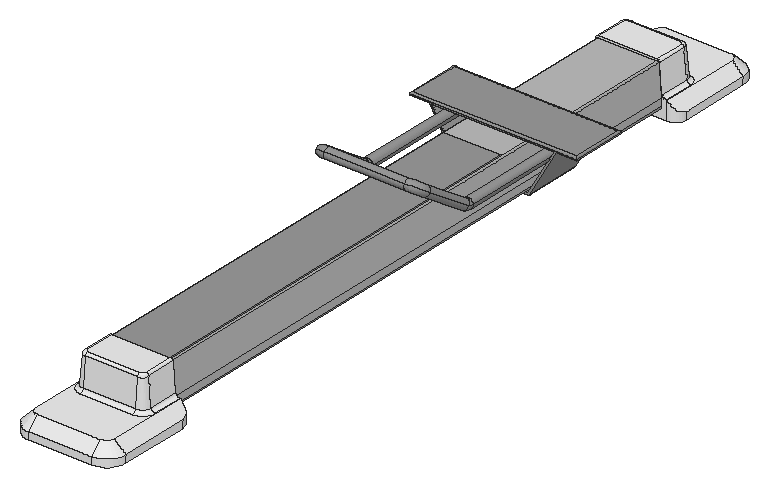
Revit family "PRD_FrankeWS_Hrdrrs_HeightAdjustment_ACDR0001-0005", category Specialty Equipment, host Face, Revit 2018
Family settings
  Host = Face
  Round Connector Dimension = Use Diameter
  Part Type = Normal
  OmniClass Number = 23.40.20.21.14
  OmniClass Title = Hand and Hair Dryers
  Cut with Voids When Loaded = No
  Shared = No
  Room Calculation Point = No
Parameters (values of type "ACDR0001")
  WarrantyStartDate [instance] = "1900-12-31T23:59:59"
  WarrantyGuarantorParts = "n/a"
  WarrantyGuarantorLabor = "n/a"
  WarrantyDurationUnit = "year"
  WarrantyDurationParts = "n/a"
  WarrantyDurationLabor = "n/a"
  WarrantyDescription = "n/a"
  Version = "1"
  Uniclass2015Version = "Products v1.17"
  Uniclass2015Title = "Hairdryers"
  Uniclass2015Code = "Pr_40_70_62_36"
  URL = "www.kwc.com"
  TypeOfMounting = "Wall mounting"
  TailorMade = "No"
  TagNumber [instance] = "n/a"
  SustainabilityPerformance = "n/a"
  Style = "Height adjustment"
  Size = "250 x 1210 x 140 mm (W x H x D)"
  Shape = "n/a"
  SerialNumber [instance] = "n/a"
  Revision = "n/a"
  ReplacementCost = "n/a"
  ProductInformation = "https://pim.kwc.com/product/2030052329/attachment/datasheet?locale=en"
  NominalWidth = 250.00 mm
  NominalHeight = 1210.00 mm
  NominalDepth = 140.00 mm
  NetWeight = 5.80 kg
  Name = "Height adjustment ACDR0001"
  NBSTypeID = "n/a"
  NBSReference = "45-35-72/335"
  NBSOfficeMasterTag = "n/a"
  NBSNote = "n/a"
  NBSDescription = "Hair dryers"
  NBSCertification = "n/a"
  ModelReference = "ACDR0001"
  ModelNumber = "2030052329"
  Model = ModelReference  # "ACDR0001"
  Material = "Aluminium"
  ManufacturerURL = "www.kwc.com"
  ManufacturerName = "KWC Group AG"  # constant formula
  Manufacturer = ManufacturerName  # "KWC Group AG"
  MainColor = "Silver"
  LeverHeightLimitation [instance] = if([LeverHeight (45 - 865 mm)] < 45.00 mm, 45.00 mm, if([LeverHeight (45 - 865 mm)] > 865.00 mm, 865.00 mm, [LeverHeight (45 - 865 mm)]))  # 700.00 mm
  LeverHeight (45 - 865 mm) [instance] = 700.00 mm
  IsBuiltIn = "TRUE"
  IntegralAccessories = "n/a"
  InstallationDate [instance] = "1900-12-31T23:59:59"
  LeverMaterial = PRD_AR_Aluminium_Dark
  IfcExportType = "USERDEFINED"
  IfcExportAs = "IfcFurnitureType"
  GrossWeight = 6.50 kg
  Grade = "n/a"
  Finish = "coated"
  Features = "height adjustment for F5 hood hair dryer, 600 mm continuously adjustable"
  ExpectedLife = "n/a"
  DurationUnit = "year"
  Description = "Height adjustment for F5 hood hair dryer, for wall mounting, 600 mm continuously adjustable, with constant force rolling band spring, guide rail made of anodised aluminium, with 4 mm thick crystal mirror, fully adhered, covered, vandalism-resistant cable channel, colour combination silver/white end caps."
  Default Elevation = 1800.00 mm
  CreatedOn = "09/2020"  # constant formula
  Constituents = "n/a"
  ColorMaterial = PRD_AR_SyntheticWhite
  Color = "White"
  CodePerformance = "n/a"
  Category = "Pr_40_70_62_36, Hairdryers"
  BodyMaterial = PRD_AR_Aluminium
  BarCode [instance] = "n/a"
  BIMObjectName = "PRD_AR_Hairdryers_HeightAdjustment_ACDR0001"
  Author = "Archispace"  # constant formula
  AssetType = "Fixed"
  AssetIdentifier [instance] = "n/a"
  AccessibilityPerformance = "n/a"
Types (5, lengths in mm): name | ProductInformation | Name | ModelReference | ModelNumber | Model | Description | ColorMaterial | Color | BIMObjectName
  ACDR0001 | "https://pim.kwc.com/product/2030052329/attachment/datasheet?locale=en" | "Height adjustment ACDR0001" | "ACDR0001" | "2030052329" | "ACDR0001" | "Height adjustment for F5 hood hair dryer, for wall mounting, 600 mm continuously adjustable, with constant force rolling band spring, guide rail made of anodised aluminium, with 4 mm thick crystal mirror, fully adhered, covered, vandalism-resistant cable channel, colour combination silver/white end caps." | PRD_AR_SyntheticWhite | "White" | "PRD_AR_Hairdryers_HeightAdjustment_ACDR0001"
  ACDR0002 | "https://pim.kwc.com/product/2030052330/attachment/datasheet?locale=en" | "Height adjustment ACDR0002" | "ACDR0002" | "2030052330" | "ACDR0002" | "Height adjustment for F5 hood hair dryer, for wall mounting, 600 mm continuously adjustable, with constant force rolling band spring, guide rail made of anodised aluminium, with 4 mm thick crystal mirror, fully adhered, covered, vandalism-resistant cable channel, colour combination silver/basalt grey end caps." | PRD_AR_SyntheticBasaltGrey | "Basalt grey" | "PRD_AR_Hairdryers_HeightAdjustment_ACDR0002"
  ACDR0003 | "https://pim.kwc.com/product/2030052331/attachment/datasheet?locale=en" | "Height adjustment ACDR0003" | "ACDR0003" | "2030052331" | "ACDR0003" | "Height adjustment for F5 hood hair dryer, for wall mounting, 600 mm continuously adjustable, with constant force rolling band spring, guide rail made of anodised aluminium, with 4 mm thick crystal mirror, fully adhered, covered, vandalism-resistant cable channel, colour combination silver/pearl gentian blue end caps." | PRD_AR_SyntheticPearlGentianBlue | "Pearl gentian blue" | "PRD_AR_Hairdryers_HeightAdjustment_ACDR0003"
  ACDR0004 | "https://pim.kwc.com/product/2030052332/attachment/datasheet?locale=en" | "Height adjustment ACDR0004" | "ACDR0004" | "2030052332" | "ACDR0004" | "Height adjustment for F5 hood hair dryer, for wall mounting, 600 mm continuously adjustable, with constant force rolling band spring, guide rail made of anodised aluminium, with 4 mm thick crystal mirror, fully adhered, covered, vandalism-resistant cable channel, colour combination silver/lemon yellow end caps." | PRD_AR_SyntheticLemonYellow | "Lemon yellow" | "PRD_AR_Hairdryers_HeightAdjustment_ACDR0004"
  ACDR0005 | "https://pim.kwc.com/product/2030052333/attachment/datasheet?locale=en" | "Height adjustment ACDR0005" | "ACDR0005" | "2030052333" | "ACDR0005" | "Height adjustment for F5 hood hair dryer, for wall mounting, 600 mm continuously adjustable, with constant force rolling band spring, guide rail made of anodised aluminium, with 4 mm thick crystal mirror, fully adhered, covered, vandalism-resistant cable channel, colour combination silver/signal red end caps." | PRD_AR_SyntheticSignalRed | "Signal red" | "PRD_AR_Hairdryers_HeightAdjustment_ACDR0005"
Reference planes
  plane 1 "Center (Front/Back)": y = 0
  plane 2: z = 0
  plane 3 "Center (Left/Right)": x = 0
Dimensions and locks
  aligned and locked: plane 2 to host face
  aligned and locked: level to host face
Nested families
  nested 1: "ACDR" at (0, -1.679, 0) x (1, 0, 0) z (0, 1, 0), type "ACDR"
Definition of nested family "ACDR"
  Parameters (values of type "ACDR")
    LeverHeightLimitation = if([LeverHeight (45 - 865 mm)] < 45.00 mm, 45.00 mm, if([LeverHeight (45 - 865 mm)] > 865.00 mm, 865.00 mm, [LeverHeight (45 - 865 mm)]))  # 650.00 mm
    LeverHeight (45 - 865 mm) = 650.00 mm
    LeverMaterial = none
    ColorMaterial = none
    BodyMaterial = none
    Default Elevation = 1219.20 mm
  Reference planes
    plane 1 "Center (Front/Back)": y = 0
    plane 2: z = 0
    plane 3 "Center (Left/Right)": x = 0
    plane 4: z = 605
    plane 5: z = -605
    plane 6: x = -50
    plane 7: x = 50
    plane 8: x = -75
    plane 9: x = 75
    plane 10: z = -455
    plane 11: x = -125
    plane 12: x = 125
    plane 13: y = -80
    plane 14: y = -140
    plane 15: z = 455
    plane 16: x = -75
    plane 17: x = 75
    plane 18: z = 195
    plane 19: y = -67.5
    plane 20: z = 7.927
  Forms (mm)
    Extrusion 1, solid, material <- "ColorMaterial", detail levels fine
      sketch origin (0, 0, 0) x (1, 0, 0) y (0, 0, 1)
        loop
          arc (-59, -455) -> (-70.314, -459.686) -> (-75, -471) r 16
          line (-75, -471) -> (-75, -577)
          arc (-75, -577) -> (-66.799, -596.799) -> (-47, -605) r 28
          line (-47, -605) -> (47, -605)
          arc (47, -605) -> (66.799, -596.799) -> (75, -577) r 28
          line (75, -577) -> (75, -471)
          arc (75, -471) -> (70.314, -459.686) -> (59, -455) r 16
          line (59, -455) -> (-59, -455)
      from 0 to 27
    Sweep 2, void
      path in 3D
        loop
          line (-75, -27, -447) -> (-75, -27, -577)
          arc (-75, -27, -577) -> (-66.799, -27, -596.799) -> (-47, -27, -605) r 28
          line (-47, -27, -605) -> (47, -27, -605)
          arc (47, -27, -605) -> (66.799, -27, -596.799) -> (75, -27, -577) r 28
          line (75, -27, -577) -> (75, -27, -447)
      profile origin (-75, -27, -512) x (-1, 0, 0) y (0, -1, 0)
        loop
          line (0, 0) -> (-16, 0) -> (0, -16) -> (0, 0)
    Extrusion 3, solid, material <- "ColorMaterial", detail levels fine
      sketch origin (0, 0, 0) x (1, 0, 0) y (0, 0, 1)
        loop
          line (-42.5, -455) -> (-42.5, -500.5)
          arc (-42.5, -500.5) -> (-41.475, -502.975) -> (-39, -504) r 3.5
          line (-39, -504) -> (39, -504)
          arc (39, -504) -> (41.475, -502.975) -> (42.5, -500.5) r 3.5
          line (42.5, -500.5) -> (42.5, -455) -> (-42.5, -455)
      from 27 to 77
    Sweep 4, solid, material <- "ColorMaterial", detail levels fine
      path in 3D
        loop
          line (-42.5, -77, -455) -> (-42.5, -77, -500.5)
          arc (-42.5, -77, -500.5) -> (-41.475, -77, -502.975) -> (-39, -77, -504) r 3.5
          line (-39, -77, -504) -> (39, -77, -504)
          arc (39, -77, -504) -> (41.475, -77, -502.975) -> (42.5, -77, -500.5) r 3.5
          line (42.5, -77, -500.5) -> (42.5, -77, -455)
      profile origin (-42.5, -77, -477.75) x (-1, 0, 0) y (0, -1, 0)
        loop
          line (0, 0) -> (0, -50) -> (14.935, -50)
          arc (14.935, -50) -> (10.884, -48.426) -> (8.958, -44.531) r 6
          line (8.958, -44.531) -> (5.324, -3.646)
          arc (5.324, -3.646) -> (4.04, -1.049) -> (1.34, 0) r 4
          line (1.34, 0) -> (0, 0)
    Sweep 5, solid, material <- "BodyMaterial", detail levels fine
      path origin (0, 0, 0) x (1, 0, 0) y (0, 0, 1)
        loop
          line (0, -455) -> (0, 455)
      profile origin (0, 0, 0) x (-1, 0, 0) y (0, -1, 0)
        loop
          arc (47, 12) -> (49.121, 12.879) -> (50, 15) r 3
          line (50, 15) -> (50, 26.286) -> (45.832, 73.177)
          arc (45.832, 73.177) -> (45.19, 74.475) -> (43.84, 75) r 2
          line (43.84, 75) -> (-43.84, 75)
          arc (-43.84, 75) -> (-45.19, 74.475) -> (-45.832, 73.177) r 2
          line (-45.832, 73.177) -> (-50, 26.286) -> (-50, 15)
          arc (-50, 15) -> (-49.121, 12.879) -> (-47, 12) r 3
          line (-47, 12) -> (47, 12)
    Sweep 6, solid, material <- "LeverMaterial", detail levels fine
      path origin (0, 0, 0) x (1, 0, 0) y (0, 0, 1)
        loop
          line (0, 165) -> (0, -455)
      profile origin (0, 0, -145) x (0, -1, 0) y (1, 0, 0)
        loop
          line (75, -42.764) -> (76, -42.764) -> (76, 42.764) -> (75, 42.764) -> (75, -42.764)
    Extrusion 7, solid, material <- "ColorMaterial", detail levels fine
      sketch origin (0, 0, 0) x (1, 0, 0) y (0, 0, 1)
        loop
          line (-59, 455) -> (59, 455)
          arc (59, 455) -> (70.314, 459.686) -> (75, 471) r 16
          line (75, 471) -> (75, 577)
          arc (75, 577) -> (66.799, 596.799) -> (47, 605) r 28
          line (47, 605) -> (-47, 605)
          arc (-47, 605) -> (-66.799, 596.799) -> (-75, 577) r 28
          line (-75, 577) -> (-75, 471)
          arc (-75, 471) -> (-70.314, 459.686) -> (-59, 455) r 16
      from 0 to 27
    Extrusion 8, solid, material <- "ColorMaterial", detail levels fine
      sketch origin (0, 0, 0) x (1, 0, 0) y (0, 0, 1)
        loop
          line (-42.5, 455) -> (42.5, 455) -> (42.5, 500.5)
          arc (42.5, 500.5) -> (41.475, 502.975) -> (39, 504) r 3.5
          line (39, 504) -> (-39, 504)
          arc (-39, 504) -> (-41.475, 502.975) -> (-42.5, 500.5) r 3.5
          line (-42.5, 500.5) -> (-42.5, 455)
      from 27 to 77
    Sweep 9, solid, material <- "ColorMaterial", detail levels fine
      path in 3D
        loop
          line (42.5, -77, 455) -> (42.5, -77, 500.5)
          arc (42.5, -77, 500.5) -> (41.475, -77, 502.975) -> (39, -77, 504) r 3.5
          line (39, -77, 504) -> (-39, -77, 504)
          arc (-39, -77, 504) -> (-41.475, -77, 502.975) -> (-42.5, -77, 500.5) r 3.5
          line (-42.5, -77, 500.5) -> (-42.5, -77, 455)
      profile origin (-42.5, -77, 477.75) x (-1, 0, 0) y (0, -1, 0)
        loop
          line (0, 0) -> (0, -50) -> (14.935, -50)
          arc (14.935, -50) -> (10.884, -48.426) -> (8.958, -44.531) r 6
          line (8.958, -44.531) -> (5.324, -3.646)
          arc (5.324, -3.646) -> (4.04, -1.049) -> (1.34, 0) r 4
          line (1.34, 0) -> (0, 0)
    Sweep 10, void
      path in 3D
        loop
          line (75, -27, 422) -> (75, -27, 577)
          arc (75, -27, 577) -> (66.799, -27, 596.799) -> (47, -27, 605) r 28
          line (47, -27, 605) -> (-47, -27, 605)
          arc (-47, -27, 605) -> (-66.799, -27, 596.799) -> (-75, -27, 577) r 28
          line (-75, -27, 577) -> (-75, -27, 422)
      profile origin (-75, -27, 499.5) x (-1, 0, 0) y (0, -1, 0)
        loop
          line (0, 0) -> (-16, 0) -> (0, -16) -> (0, 0)
    Sweep 11, solid, material <- "LeverMaterial", detail levels fine
      path origin (0, 0, -50.729) x (1, 0, 0) y (0, 0, 1)
        loop
          line (0, 287.229) -> (0, 204.229)
      profile origin (0, 0, 195) x (0, -1, 0) y (1, 0, 0)
        loop
          arc (11, -51.136) -> (11.2, -51.885) -> (11.748, -52.433) r 1.5
          line (11.748, -52.433) -> (80, -92) -> (80, 92) -> (11.748, 52.433)
          arc (11.748, 52.433) -> (11.2, 51.885) -> (11, 51.136) r 1.5
          line (11, 51.136) -> (11, -51.136)
        loop
          arc (8, -51.136) -> (8.601, -53.382) -> (10.243, -55.029) r 4.5
          line (10.243, -55.029) -> (80, -95.468) -> (80, -125) -> (84, -125) -> (84, 125) -> (80, 125) -> (80, 95.468) -> (10.243, 55.029)
          arc (10.243, 55.029) -> (8.601, 53.382) -> (8, 51.136) r 4.5
          line (8, 51.136) -> (8, -51.136)
    Sweep 12, void
      path in 3D
        loop
          line (125, -84, 236.5) -> (125, -84, 153.5) -> (-125, -84, 153.5) -> (-125, -84, 236.5) -> (125, -84, 236.5)
      profile origin (0, -84, 236.5) x (0, 1, 0) y (0, 0, 1)
        loop
          line (0, 0) -> (0, -2.5)
          arc (0, -2.5) -> (0.732, -0.732) -> (2.5, 0) r 2.5
          line (2.5, 0) -> (0, 0)
    Sweep 13, solid, material <- "LeverMaterial", detail levels medium+fine
      path origin (-75, -1524, 255.864) x (0, 0, 1) y (0, -1, 0)
        loop
          line (-60.864, -1456.5) -> (-243.297, -1456.5)
          arc (-243.297, -1456.5) -> (-247.73, -1455.83) -> (-251.767, -1453.88) r 15
          line (-251.767, -1453.88) -> (-323.937, -1404.5)
      profile origin (-75, -67.5, 103.784) x (1, 0, 0) y (0, 1, 0)
        loop
          circle (0, 0) r 7.5
    Sweep 14, solid, material <- "LeverMaterial", detail levels medium+fine
      path origin (75, -1524, 255.864) x (0, 0, 1) y (0, 1, 0)
        loop
          line (-60.864, 1456.5) -> (-243.297, 1456.5)
          arc (-243.297, 1456.5) -> (-247.73, 1455.83) -> (-251.767, 1453.88) r 15
          line (-251.767, 1453.88) -> (-323.937, 1404.5)
      profile origin (75, -67.5, 103.784) x (-1, 0, 0) y (0, -1, 0)
        loop
          circle (0, 0) r 7.5
    Extrusion 15, solid, material <- "ColorMaterial", detail levels medium
      sketch origin (0, 0, 0) x (1, 0, 0) y (0, 0, 1)
        loop
          line (-59, 455) -> (59, 455)
          arc (59, 455) -> (70.314, 459.686) -> (75, 471) r 16
          line (75, 471) -> (75, 577)
          arc (75, 577) -> (66.799, 596.799) -> (47, 605) r 28
          line (47, 605) -> (-47, 605)
          arc (-47, 605) -> (-66.799, 596.799) -> (-75, 577) r 28
          line (-75, 577) -> (-75, 471)
          arc (-75, 471) -> (-70.314, 459.686) -> (-59, 455) r 16
      from 0 to 27
    Extrusion 16, solid, material <- "ColorMaterial", detail levels medium
      sketch origin (0, 0, 0) x (1, 0, 0) y (0, 0, 1)
        loop
          line (-52.5, 455) -> (52.5, 455) -> (52.5, 509) -> (-52.5, 509) -> (-52.5, 455)
      from 27 to 77
    Extrusion 17, solid, material <- "ColorMaterial", detail levels medium
      sketch origin (0, 0, 0) x (1, 0, 0) y (0, 0, 1)
        loop
          arc (-59, -455) -> (-70.314, -459.686) -> (-75, -471) r 16
          line (-75, -471) -> (-75, -577)
          arc (-75, -577) -> (-66.799, -596.799) -> (-47, -605) r 28
          line (-47, -605) -> (47, -605)
          arc (47, -605) -> (66.799, -596.799) -> (75, -577) r 28
          line (75, -577) -> (75, -471)
          arc (75, -471) -> (70.314, -459.686) -> (59, -455) r 16
          line (59, -455) -> (-59, -455)
      from 0 to 27
    Extrusion 18, solid, material <- "ColorMaterial", detail levels medium
      sketch origin (0, 0, 0) x (1, 0, 0) y (0, 0, 1)
        loop
          line (-52.5, -455) -> (-52.5, -509) -> (52.5, -509) -> (52.5, -455) -> (-52.5, -455)
      from 27 to 77
    Sweep 19, solid, material <- "BodyMaterial", detail levels medium
      path origin (0, 0, 0) x (1, 0, 0) y (0, 0, 1)
        loop
          line (0, -455) -> (0, 455)
      profile origin (0, 0, 0) x (-1, 0, 0) y (0, -1, 0)
        loop
          line (50, 12) -> (50, 75) -> (-50, 75) -> (-50, 12) -> (50, 12)
    Sweep 20, solid, material <- "LeverMaterial", detail levels medium
      path origin (0, 0, -50.729) x (1, 0, 0) y (0, 0, 1)
        loop
          line (0, 287.229) -> (0, 204.229)
      profile origin (0, 0, 195) x (0, -1, 0) y (1, 0, 0)
        loop
          line (12, -50) -> (75, -50) -> (75, 50) -> (12, 50) -> (12, -50)
        loop
          line (8, -53.729) -> (80, -95.468) -> (80, -125) -> (84, -125) -> (84, 125) -> (80, 125) -> (80, 95.468) -> (8, 53.729) -> (8, -53.729)
    Extrusion 21, solid, material <- "BodyMaterial", detail levels coarse
      sketch origin (0, 0, 0) x (1, 0, 0) y (0, 0, 1)
        loop
          line (-75, 605) -> (-75, -605) -> (75, -605) -> (75, 605) -> (-75, 605)
      from 0 to 80
    Sweep 22, solid, material <- "LeverMaterial", detail levels medium+fine
      path origin (0, -90.802, -26.129) x (0, -0.564684, -0.825307) y (1, 0, 0)
        loop
          arc (50.822, -75) -> (61.428, -70.607) -> (65.822, -60) r 15
          line (65.822, -60) -> (65.822, 60)
          arc (65.822, 60) -> (61.428, 70.607) -> (50.822, 75) r 15
      profile origin (0, -127.97, -80.452) x (0, 0.564684, 0.825307) y (0, -0.825307, 0.564684)
        loop
          circle (0, 0) r 7.5
  Cuts and joins
    Sweep 2 cuts Extrusion 1
    joined: Extrusion 1, Extrusion 3, Sweep 4
    Sweep 10 cuts Extrusion 7
    joined: Extrusion 7, Extrusion 8, Sweep 9
    Sweep 12 cuts Sweep 11
    joined: Sweep 13, Sweep 14, Sweep 22
  Lines and regions (mm)
    sketch lines
      curve 1: line (-75, -27, -447) -> (-75, -27, -577)
      curve 2: arc (-47, -27, -605) -> (-66.799, -27, -596.799) -> (-75, -27, -577) r 28
      curve 3: line (-47, -27, -605) -> (47, -27, -605)
      curve 4: arc (75, -27, -577) -> (66.799, -27, -596.799) -> (47, -27, -605) r 28
      curve 5: line (75, -27, -577) -> (75, -27, -447)
      curve 6: line (-42.5, -77, -455) -> (-42.5, -77, -500.5)
      curve 7: arc (-39, -77, -504) -> (-41.475, -77, -502.975) -> (-42.5, -77, -500.5) r 3.5
      curve 8: line (-39, -77, -504) -> (39, -77, -504)
      curve 9: arc (42.5, -77, -500.5) -> (41.475, -77, -502.975) -> (39, -77, -504) r 3.5
      curve 10: line (42.5, -77, -500.5) -> (42.5, -77, -455)
      curve 11: line (-42.5, -77, 500.5) -> (-42.5, -77, 455)
      curve 12: arc (-42.5, -77, 500.5) -> (-41.475, -77, 502.975) -> (-39, -77, 504) r 3.5
      curve 13: line (39, -77, 504) -> (-39, -77, 504)
      curve 14: arc (39, -77, 504) -> (41.475, -77, 502.975) -> (42.5, -77, 500.5) r 3.5
      curve 15: line (42.5, -77, 455) -> (42.5, -77, 500.5)
      curve 16: line (-75, -27, 577) -> (-75, -27, 422)
      curve 17: arc (-75, -27, 577) -> (-66.799, -27, 596.799) -> (-47, -27, 605) r 28
      curve 18: line (47, -27, 605) -> (-47, -27, 605)
      curve 19: arc (47, -27, 605) -> (66.799, -27, 596.799) -> (75, -27, 577) r 28
      curve 20: line (75, -27, 422) -> (75, -27, 577)
      curve 21: line (-125, -84, 236.5) -> (125, -84, 236.5)
      curve 22: line (-125, -84, 236.5) -> (-125, -84, 153.5)
      curve 23: line (125, -84, 153.5) -> (-125, -84, 153.5)
      curve 24: line (125, -84, 236.5) -> (125, -84, 153.5)
    reference lines
      curve 25: line (0, -67.5, 7.927) -> (0, -119.5, -68.073)
  Dimensions and locks
    plane 4 to level = 605.00 mm
    locked: level to plane 5 at 605
    plane 3 "Center (Left/Right)" to plane 6 = 50.00 mm
    plane 7 to plane 3 "Center (Left/Right)" = 50.00 mm
    plane 3 "Center (Left/Right)" to plane 8 = 75.00 mm
    plane 9 to plane 3 "Center (Left/Right)" = 75.00 mm
    locked: plane 10 to plane 5 at 150
    plane 12 to plane 3 "Center (Left/Right)" = 125.00 mm
    plane 3 "Center (Left/Right)" to plane 11 = 125.00 mm
    plane 1 "Center (Front/Back)" to plane 13 = 80.00 mm
    plane 1 "Center (Front/Back)" to plane 14 = 140.00 mm
    plane 4 to plane 15 = 150.00 mm
    plane 3 "Center (Left/Right)" to plane 16 = 75.00 mm
    plane 17 to plane 3 "Center (Left/Right)" = 75.00 mm
    equal spacing: Sweep 20 sketch curve, plane 18, Sweep 20 sketch curve
    locked: Sweep 20 sketch curve to Sweep 20 sketch curve at 83
    locked: plane 18 to Sweep 13 sketch curve at 182.432
    locked: plane 18 to Sweep 13 sketch curve at 190.903
    locked: plane 18 to Sweep 13 sketch curve at 263.073
    locked: plane 18 to Sweep 14 sketch curve at 182.432
    locked: plane 18 to Sweep 14 sketch curve at 190.903
    locked: plane 18 to Sweep 14 sketch curve at 263.073
    locked: plane 18 to plane 20 at 187.073
    "LeverHeight (45 - 865 mm)": plane 18 to plane 10
    locked: Sweep 6 sketch curve to plane 10 at 620
    locked: curve 25 to plane 20 (angle 55.6197°)
    aligned and locked: level to plane 2
  Automatic sketch dimensions
    Extrusion 1 sketch curve to plane 8 = 0.00 mm
    Extrusion 1 sketch curve to plane 10 = 0.00 mm
    Extrusion 1 sketch curve to plane 5 = 0.00 mm
    Extrusion 1 sketch curve to plane 9 = 0.00 mm
    Extrusion 1 sketch curve to plane 6 = 9.00 mm
    plane 6 to Extrusion 1 sketch curve = 3.00 mm
    Extrusion 1 sketch curve to plane 7 = 3.00 mm
    plane 7 to Extrusion 1 sketch curve = 9.00 mm
    Sweep 2 sketch curve to profile plane = 0.00 mm  (x2)
    Sweep 2 sketch curve to profile plane = 16.00 mm
    profile plane to Sweep 2 sketch curve = 16.00 mm
    Extrusion 3 sketch curve to plane 10 = 0.00 mm
    plane 6 to Extrusion 3 sketch curve = 7.50 mm
    Extrusion 3 sketch curve to Extrusion 3 sketch curve = 3.50 mm
    Extrusion 3 sketch curve to plane 7 = 11.00 mm
    Extrusion 3 sketch curve to plane 7 = 7.50 mm
    Extrusion 3 sketch curve to plane 10 = 45.50 mm
    Sweep 4 sketch curve to profile plane = 0.00 mm  (x2)
    profile plane to Sweep 4 sketch curve = 1.34 mm
    profile plane to Sweep 4 sketch curve = 3.646 mm
    Sweep 4 sketch curve to Sweep 4 sketch curve = 3.984 mm
    profile plane to Sweep 4 sketch curve = 8.958 mm
    Sweep 4 sketch curve to Sweep 4 sketch curve = 5.976 mm
    Sweep 4 sketch curve to Sweep 4 sketch curve = 40.354 mm
    Sweep 4 sketch curve to Sweep 4 sketch curve = 0.531 mm
    Sweep 5 sketch curve to plane 3 "Center (Left/Right)" = 0.00 mm
    Sweep 5 sketch curve to plane 10 = 0.00 mm
    Sweep 5 sketch curve to plane 15 = 0.00 mm
    profile plane to Sweep 5 sketch curve = 50.00 mm
    Sweep 5 sketch curve to Sweep 5 sketch curve = 3.00 mm  (x2)
    profile plane to Sweep 5 sketch curve = 45.832 mm
    Sweep 5 sketch curve to Sweep 5 sketch curve = 1.992 mm  (x2)
    Sweep 5 sketch curve to profile plane = 43.84 mm
    plane 1 "Center (Front/Back)" to Sweep 5 sketch curve = 15.00 mm
    Sweep 5 sketch curve to profile plane = 47.00 mm
    Sweep 5 sketch curve to Sweep 5 sketch curve = 11.286 mm  (x2)
    Sweep 5 sketch curve to Sweep 5 sketch curve = 46.714 mm  (x2)
    Sweep 5 sketch curve to Sweep 5 sketch curve = 0.177 mm
    plane 3 "Center (Left/Right)" to Sweep 6 sketch curve = 0.00 mm
    Sweep 6 sketch curve to plane 10 = 0.00 mm
    plane 1 "Center (Front/Back)" to Sweep 6 sketch curve = 75.00 mm
    Sweep 6 sketch curve to Sweep 6 sketch curve = 1.00 mm
    profile plane to Sweep 6 sketch curve = 42.764 mm
    Sweep 6 sketch curve to profile plane = 42.764 mm
    Extrusion 7 sketch curve to plane 8 = 0.00 mm
    Extrusion 7 sketch curve to plane 15 = 0.00 mm
    Extrusion 7 sketch curve to plane 4 = 0.00 mm
    Extrusion 7 sketch curve to plane 9 = 0.00 mm
    plane 6 to Extrusion 7 sketch curve = 9.00 mm
    Extrusion 7 sketch curve to plane 6 = 3.00 mm
    plane 7 to Extrusion 7 sketch curve = 3.00 mm
    Extrusion 7 sketch curve to plane 7 = 9.00 mm
    Extrusion 8 sketch curve to plane 15 = 0.00 mm
    Extrusion 8 sketch curve to plane 6 = 7.50 mm
    Extrusion 8 sketch curve to Extrusion 8 sketch curve = 3.50 mm
    plane 7 to Extrusion 8 sketch curve = 11.00 mm
    plane 7 to Extrusion 8 sketch curve = 7.50 mm
    Extrusion 8 sketch curve to plane 15 = 45.50 mm
    Sweep 9 sketch curve to profile plane = 0.00 mm  (x2)
    Sweep 9 sketch curve to Sweep 9 sketch curve = 1.34 mm
    profile plane to Sweep 9 sketch curve = 3.646 mm
    Sweep 9 sketch curve to Sweep 9 sketch curve = 3.984 mm
    profile plane to Sweep 9 sketch curve = 8.958 mm
    Sweep 9 sketch curve to Sweep 9 sketch curve = 5.976 mm
    Sweep 9 sketch curve to Sweep 9 sketch curve = 40.354 mm
    Sweep 9 sketch curve to Sweep 9 sketch curve = 0.531 mm
    Sweep 10 sketch curve to profile plane = 0.00 mm  (x2)
    Sweep 10 sketch curve to profile plane = 16.00 mm
    profile plane to Sweep 10 sketch curve = 16.00 mm
    Sweep 11 sketch curve to plane 3 "Center (Left/Right)" = 0.00 mm
    Sweep 11 sketch curve to plane 18 = 41.50 mm
    plane 18 to Sweep 11 sketch curve = 41.50 mm
    Sweep 11 sketch curve to Sweep 11 sketch curve = 0.00 mm  (x5)
    plane 1 "Center (Front/Back)" to Sweep 11 sketch curve = 8.00 mm
    Sweep 11 sketch curve to Sweep 11 sketch curve = 2.243 mm  (x2)
    Sweep 11 sketch curve to Sweep 11 sketch curve = 3.00 mm
    Sweep 11 sketch curve to Sweep 11 sketch curve = 0.748 mm  (x2)
    Sweep 11 sketch curve to Sweep 11 sketch curve = 0.752 mm  (x2)
    plane 1 "Center (Front/Back)" to Sweep 11 sketch curve = 80.00 mm  (x2)
    Sweep 11 sketch curve to Sweep 11 sketch curve = 4.00 mm
    profile plane to Sweep 11 sketch curve = 125.00 mm
    Sweep 11 sketch curve to Sweep 11 sketch curve = 29.532 mm  (x2)
    Sweep 11 sketch curve to Sweep 11 sketch curve = 3.468 mm  (x2)
    profile plane to Sweep 11 sketch curve = 55.029 mm
    Sweep 11 sketch curve to profile plane = 51.136 mm
    Sweep 11 sketch curve to Sweep 11 sketch curve = 39.567 mm
    Sweep 12 sketch curve to profile plane = 0.00 mm  (x2)
    Sweep 12 sketch curve to profile plane = 2.50 mm
    Sweep 13 sketch curve to plane 18 = 0.00 mm
    Sweep 13 sketch curve to plane 19 = 0.00 mm
    plane 19 to Sweep 13 sketch curve = 2.62 mm
    Sweep 13 sketch curve to plane 14 = 20.50 mm
    Sweep 13 sketch curve to plane 16 = 0.00 mm
    profile plane to Sweep 13 sketch curve = 0.00 mm
    Sweep 14 sketch curve to plane 18 = 0.00 mm
    Sweep 14 sketch curve to plane 19 = 0.00 mm
    plane 19 to Sweep 14 sketch curve = 2.62 mm
    Sweep 14 sketch curve to plane 14 = 20.50 mm
    Sweep 14 sketch curve to profile plane = 0.00 mm  (x2)
    Extrusion 15 sketch curve to plane 8 = 0.00 mm
    Extrusion 15 sketch curve to plane 15 = 0.00 mm
    Extrusion 15 sketch curve to plane 4 = 0.00 mm
    Extrusion 15 sketch curve to plane 9 = 0.00 mm
    plane 6 to Extrusion 15 sketch curve = 9.00 mm
    Extrusion 15 sketch curve to plane 6 = 3.00 mm
    plane 7 to Extrusion 15 sketch curve = 3.00 mm
    Extrusion 15 sketch curve to plane 7 = 9.00 mm
    Extrusion 16 sketch curve to plane 15 = 0.00 mm
    plane 6 to Extrusion 16 sketch curve = 2.50 mm
    Extrusion 16 sketch curve to plane 7 = 2.50 mm
    Extrusion 16 sketch curve to Extrusion 16 sketch curve = 54.00 mm
    Extrusion 17 sketch curve to plane 8 = 0.00 mm
    Extrusion 17 sketch curve to plane 10 = 0.00 mm
    Extrusion 17 sketch curve to plane 5 = 0.00 mm
    Extrusion 17 sketch curve to plane 9 = 0.00 mm
    Extrusion 17 sketch curve to plane 6 = 9.00 mm
    plane 6 to Extrusion 17 sketch curve = 3.00 mm
    Extrusion 17 sketch curve to plane 7 = 3.00 mm
    plane 7 to Extrusion 17 sketch curve = 9.00 mm
    Extrusion 18 sketch curve to plane 10 = 0.00 mm
    Extrusion 18 sketch curve to plane 6 = 2.50 mm
    plane 7 to Extrusion 18 sketch curve = 2.50 mm
    Extrusion 18 sketch curve to plane 10 = 54.00 mm
    Sweep 19 sketch curve to plane 3 "Center (Left/Right)" = 0.00 mm
    Sweep 19 sketch curve to plane 10 = 0.00 mm
    Sweep 19 sketch curve to plane 15 = 0.00 mm
    plane 1 "Center (Front/Back)" to Sweep 19 sketch curve = 12.00 mm
    profile plane to Sweep 19 sketch curve = 50.00 mm
    Sweep 19 sketch curve to profile plane = 50.00 mm
    Sweep 19 sketch curve to Sweep 19 sketch curve = 63.00 mm
    Sweep 20 sketch curve to plane 3 "Center (Left/Right)" = 0.00 mm
    profile plane to Sweep 20 sketch curve = 8.00 mm
    Sweep 20 sketch curve to Sweep 20 sketch curve = 4.00 mm  (x2)
    Sweep 20 sketch curve to Sweep 20 sketch curve = 63.00 mm
    Sweep 20 sketch curve to Sweep 20 sketch curve = 5.00 mm  (x2)
    profile plane to Sweep 20 sketch curve = 125.00 mm
    Sweep 20 sketch curve to Sweep 20 sketch curve = 29.532 mm  (x2)
    profile plane to Sweep 20 sketch curve = 53.729 mm
    Sweep 20 sketch curve to Sweep 20 sketch curve = 45.468 mm  (x2)
    Sweep 20 sketch curve to profile plane = 50.00 mm
    Sweep 20 sketch curve to Sweep 20 sketch curve = 3.729 mm
    Extrusion 21 sketch curve to plane 5 = 0.00 mm
    Extrusion 21 sketch curve to plane 8 = 0.00 mm
    Extrusion 21 sketch curve to plane 9 = 0.00 mm
    Extrusion 21 sketch curve to plane 4 = 0.00 mm
    curve 25 to Sweep 22 sketch curve = 0.00 mm
    Sweep 22 sketch curve to curve 25 = 0.00 mm
    Sweep 22 sketch curve to curve 25 = 75.00 mm
    Sweep 22 sketch curve to curve 25 = 60.00 mm
    curve 25 to Sweep 22 sketch curve = 60.00 mm
    profile plane to Sweep 22 sketch curve = 0.00 mm
    Sweep 22 sketch curve to profile plane = 0.00 mm
    curve 25 to plane 19 = 0.00 mm
    curve 25 to plane 20 = 0.00 mm
    radius of Sweep 13 sketch curve = 7.50 mm
    radius of Sweep 14 sketch curve = 7.50 mm
    radius of Sweep 22 sketch curve = 7.50 mm
